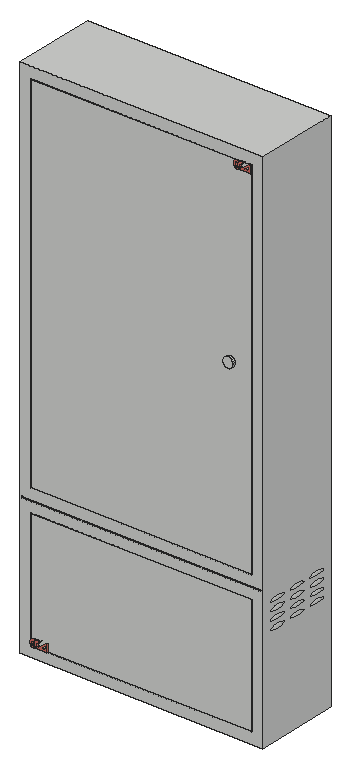
Revit family "120909-00121 Шкаф ШРП-В1600, без плинтов ССД", category Обобщенные модели, Revit 2019
Family settings
  Может служить основой для арматурных стержней = Нет
  Размер круглого соединителя = Использовать диаметр
  Тип детали = Нормальный
  На основе рабочей плоскости = Нет
  Всегда вертикально = Да
  При загрузке вырезать с полостями = Нет
  Общий = Нет
  Точка расчета площади = Нет
Parameters (values of type "ШРП-В/1600 (пустой)")
  Толшина 5 = 5 mm  # constant formula
  Смещение от пола [instance] = 300 mm
  Описание = "Шкаф ШРП-В/1600, без плинтов ССД"
  Ноль = 0 mm  # constant formula
  Материал каркаса = RAL 7035
  Материал букв = Красный металл
  Видимость шпонки [instance] = if(ADSK_Размер_Глубина > 250 mm, 1 = 1, 1 = 0)  # yes
  ADSK_Этаж [instance] = ""
  ADSK_Размер_Ширина = 860 mm
  ADSK_Размер_Глубина = 300 mm
  ADSK_Размер_Высота = 1880 mm
  ADSK_Примечание [instance] = ""
  ADSK_Предел огнестойкости = ""
  ADSK_Позиция [instance] = ""
  ADSK_Обозначение = ""
  ADSK_Наименование краткое = "ШРП-В/1600 (пустой)"
  ADSK_Наименование = "Шкаф ШРП-В/1600, без плинтов ССД"
  ADSK_Масса_Текст = "99.5"
  ADSK_Марка [instance] = ""
  ADSK_Количество [instance] = 1  # constant formula
  ADSK_Код изделия = "120909-00121"
  ADSK_Зона = ""
  ADSK_Завод-изготовитель = "АО СВЯЗЬСТРОЙДЕТАЛЬ"  # constant formula
  ADSK_Единица измерения = "шт"  # constant formula
  ADSK_URL страницы изделия = "Шкаф ШРП-В/1600, без плинтов ССД ( 120909-00121 ) (ssd.ru)"
  ADSK_URL документации изделия = "shr_decl_2017.pdf (ssd.ru)"
Reference planes
  plane 1 "тттт": y = 0
  plane 2: z = 0
  plane 3 "УУУУ": x = 0
  plane 4: y = 150
  plane 5 "ЕЕЕ": y = -150
  plane 6: x = 430
  plane 7: x = -430
  plane 8: z = 300
  plane 9: z = 800
  plane 10: z = 2180
  plane 11 "Внутриность": y = 146
  plane 12: y = -146
  plane 13: x = -426
  plane 14: x = 426
  plane 15 "П1": z = 761
  plane 16: z = 339
  plane 17: z = 2141
  plane 18: z = 839
  plane 19: x = -391
  plane 20: x = 391
  plane 21: z = 803.251
  plane 22: z = 796.957
  plane 23: z = 2176.047
  plane 24: z = 304
  plane 25: y = -87
  plane 26: y = 87
  plane 27 "П2": z = 750
  plane 28 "П3": z = 720
  plane 29 "П4": z = 690
  plane 30 "П5": z = 660
  plane 31: z = 1490
  plane 32: x = 315
  plane 33: y = -160
Forms (mm)
  Extrusion 1, void, not visible, detail levels fine
    sketch origin (-20, 0, 0) x (1, 0, 0) y (0, 0, 1)
      loop
        arc (-281.999, 290) -> (-261.999, 270) -> (-241.999, 290) r 20
        line (-241.999, 290) -> (-241.999, 370)
        arc (-241.999, 370) -> (-261.999, 390) -> (-281.999, 370) r 20
        line (-281.999, 370) -> (-281.999, 290)
    from 90 to 190
  Extrusion 2, void, not visible
    sketch origin (-20, 0, 225) x (1, 0, 0) y (0, 0, 1)
      loop
        circle (-261.999, 215) r 6.5
    from 90 to 190
  Extrusion 3, void, not visible, detail levels fine
    sketch origin (20, 0, 0) x (-1, 0, 0) y (0, 0, -1)
      loop
        line (-281.999, -290) -> (-281.999, -370)
        arc (-281.999, -370) -> (-261.999, -390) -> (-241.999, -370) r 20
        line (-241.999, -370) -> (-241.999, -290)
        arc (-241.999, -290) -> (-261.999, -270) -> (-281.999, -290) r 20
    from 90 to 190
  Extrusion 4, void, not visible
    sketch origin (20, 0, 225) x (-1, 0, 0) y (0, 0, -1)
      loop
        circle (-261.999, -215) r 6.5
    from 90 to 190
  Extrusion 5, void, not visible
    sketch origin (0, 0, 220) x (0, 1, 0) y (0, 0, 1)
      loop
        circle (-102, 220) r 3.036
      loop
        circle (-172.959, 220) r 3.036
      loop
        circle (-122, 237) r 3.036
      loop
        circle (-157.959, 237) r 3.036
      loop
        circle (-121.964, 203) r 3.036
      loop
        circle (-158.036, 203) r 3.036
      loop
        arc (-162.48, 75) -> (-137.48, 50) -> (-112.48, 75) r 25
        line (-112.48, 75) -> (-112.48, 145)
        arc (-112.48, 145) -> (-137.48, 170) -> (-162.48, 145) r 25
        line (-162.48, 145) -> (-162.48, 75)
    from -312 to 312
  Extrusion 6, solid, material "RAL 7035" <- "Материал каркаса", detail levels medium+fine
    sketch origin (0, 0, 0) x (1, 0, 0) y (0, 0, 1)
      loop
        line (-430, 2180) -> (-430, 300) -> (430, 300) -> (430, 2180) -> (-430, 2180)
    from -150 to -146
  Extrusion 7, solid, material "RAL 7035" <- "Материал каркаса", detail levels medium+fine
    sketch origin (0, 0, 0) x (0, 1, 0) y (0, 0, 1)
      loop
        line (-150, 2180) -> (-150, 300) -> (150, 300) -> (150, 2180) -> (-150, 2180)
    from 426 to 430
  Extrusion 8, solid, material "RAL 7035" <- "Материал каркаса", detail levels medium+fine
    sketch origin (0, 0, 0) x (0, 1, 0) y (0, 0, 1)
      loop
        line (-150, 2180) -> (-150, 300) -> (150, 300) -> (150, 2180) -> (-150, 2180)
    from -430 to -426
  Extrusion 9, solid, material "RAL 7035" <- "Материал каркаса", detail levels medium+fine
    sketch origin (0, 0, 0) x (1, 0, 0) y (0, 0, 1)
      loop
        line (-430, 2180) -> (-430, 803.251) -> (430, 803.251) -> (430, 2180) -> (-430, 2180)
      loop
        line (430, 300) -> (430, 796.957) -> (-430, 796.957) -> (-430, 300) -> (430, 300)
      loop
        line (-391, 2141) -> (-391, 839) -> (391, 839) -> (391, 2141) -> (-391, 2141)
      loop
        line (-391, 761) -> (-391, 339) -> (391, 339) -> (391, 761) -> (-391, 761)
    from 146 to 150
  Extrusion 10, solid, material "RAL 7035" <- "Материал каркаса", detail levels medium+fine
    sketch origin (0, 0, 0) x (1, 0, 0) y (0, 0, 1)
      loop
        line (-391, 2141) -> (-391, 839) -> (391, 839) -> (391, 2141) -> (-391, 2141)
      loop
        line (-391, 761) -> (-391, 339) -> (391, 339) -> (391, 761) -> (-391, 761)
    from 146 to 150
  Extrusion 11, solid, material "RAL 7035" <- "Материал каркаса", detail levels medium+fine
    sketch origin (0, 0, 0) x (1, 0, 0) y (0, 1, 0)
      loop
        line (-430, 150) -> (-430, -150) -> (430, -150) -> (430, 150) -> (-430, 150)
    from 300 to 304
  Extrusion 12, solid, material "RAL 7035" <- "Материал каркаса", detail levels medium+fine
    sketch origin (0, 0, 0) x (1, 0, 0) y (0, 1, 0)
      loop
        line (-430, 150) -> (-430, -150) -> (430, -150) -> (430, 150) -> (-430, 150)
    from 2176.047 to 2180
  Extrusion 13, solid, material "RAL 7035" <- "Материал каркаса", detail levels medium+fine
    sketch origin (0, 0, 0) x (1, 0, 0) y (0, 0, 1)
      loop
        circle (315, 1490) r 17.5
    from 150 to 160
  Extrusion 14, solid, material "RAL 7035" <- "Материал каркаса", detail levels coarse
    sketch origin (0, 0, 0) x (1, 0, 0) y (0, 1, 0)
      loop
        line (-430, 150) -> (-430, -150) -> (430, -150) -> (430, 150) -> (-430, 150)
    from 300 to 2180
Cuts and joins
  joined: Extrusion 6, Extrusion 7, Extrusion 8, Extrusion 9, Extrusion 11, Extrusion 12
Dimensions and locks
  equal spacing: plane 7, plane 3 "УУУУ", plane 6
  equal spacing: plane 5 "ЕЕЕ", plane 1 "тттт", plane 4
  "Смещение от пола": plane 2 to plane 8
  "ADSK_Размер_Ширина": plane 7 to plane 6
  "ADSK_Размер_Глубина": plane 4 to plane 5 "ЕЕЕ"
  locked: plane 9 to plane 8 at 500
  "ADSK_Размер_Высота": plane 10 to plane 8
  locked: plane 4 to plane 11 "Внутриность" at 4
  locked: plane 5 "ЕЕЕ" to plane 12 at 4
  locked: plane 7 to plane 13 at 4
  locked: plane 14 to plane 6 at 4
  locked: plane 9 to plane 15 "П1" at 39
  locked: plane 16 to plane 8 at 39
  locked: plane 18 to plane 9 at 39
  locked: plane 10 to plane 17 at 39
  locked: plane 21 to plane 9 at 3.251
  locked: plane 9 to plane 22 at 3.043
  locked: plane 10 to plane 23 at 3.953
  locked: plane 24 to plane 8 at 4
  locked: plane 5 "ЕЕЕ" to plane 25 at 63
  locked: plane 26 to plane 4 at 63
  locked: plane 27 "П2" to plane 9 at 50
  locked: plane 28 "П3" to plane 27 "П2" at 30
  locked: plane 29 "П4" to plane 28 "П3" at 30
  locked: plane 19 to plane 7 at 39
  locked: plane 20 to plane 6 at 39
  locked: plane 30 "П5" to plane 29 "П4" at 30
  equal spacing: plane 10, plane 31, plane 9
  locked: plane 6 to plane 32 at 115
  locked: plane 5 "ЕЕЕ" to plane 33 at 10
  aligned and locked: level to plane 2
  aligned and locked: plane 10 to Extrusion 6 sketch curve
  aligned and locked: plane 7 to Extrusion 6 sketch curve
  aligned and locked: Extrusion 6 sketch curve to plane 6
  aligned and locked: Extrusion 6 sketch curve to plane 8
  aligned and locked: plane 4 to Extrusion 6
  aligned and locked: Extrusion 6 to plane 11 "Внутриность"
  aligned and locked: plane 10 to Extrusion 7 sketch curve
  aligned and locked: Extrusion 7 sketch curve to plane 5 "ЕЕЕ"
  aligned and locked: Extrusion 7 sketch curve to Extrusion 6  (x2)
  aligned and locked: Extrusion 7 to plane 14
  aligned and locked: plane 6 to Extrusion 7
  aligned and locked: plane 10 to Extrusion 8 sketch curve
  aligned and locked: Extrusion 8 sketch curve to plane 5 "ЕЕЕ"
  aligned and locked: Extrusion 8 sketch curve to cut or joined group of Extrusion 6, Extrusion 7, Extrusion 8, Extrusion 9, Extrusion 11, Extrusion 12  (x2)
  aligned and locked: Extrusion 8 to plane 7
  aligned and locked: plane 13 to Extrusion 8
  aligned and locked: Extrusion 9 sketch curve to cut or joined group of Extrusion 6, Extrusion 7, Extrusion 8, Extrusion 9, Extrusion 11, Extrusion 12  (x2)
  aligned and locked: plane 17 to Extrusion 9 sketch curve
  aligned and locked: Extrusion 9 sketch curve to plane 19  (x2)
  aligned and locked: plane 18 to Extrusion 9 sketch curve
  aligned and locked: Extrusion 9 sketch curve to plane 20
  aligned and locked: plane 15 "П1" to Extrusion 9 sketch curve
  aligned and locked: Extrusion 9 sketch curve to plane 16
  aligned and locked: plane 20 to Extrusion 9 sketch curve
  aligned and locked: plane 21 to Extrusion 9 sketch curve
  aligned and locked: Extrusion 9 sketch curve to plane 22
  aligned and locked: Extrusion 9 sketch curve to plane 7
  aligned and locked: Extrusion 9 sketch curve to plane 6  (x2)
  aligned and locked: plane 7 to Extrusion 9 sketch curve
  aligned and locked: plane 12 to Extrusion 9
  aligned and locked: plane 5 "ЕЕЕ" to Extrusion 9
  aligned and locked: Extrusion 10 sketch curve to cut or joined group of Extrusion 6, Extrusion 7, Extrusion 8, Extrusion 9, Extrusion 11, Extrusion 12  (x8)
  aligned and locked: plane 12 to Extrusion 10
  aligned and locked: plane 5 "ЕЕЕ" to Extrusion 10
  aligned and locked: Extrusion 11 sketch curve to cut or joined group of Extrusion 6, Extrusion 7, Extrusion 8, Extrusion 9, Extrusion 11, Extrusion 12  (x2)
  aligned and locked: Extrusion 11 sketch curve to plane 5 "ЕЕЕ"
  aligned and locked: Extrusion 11 sketch curve to plane 6
  aligned and locked: plane 24 to Extrusion 11
  aligned and locked: plane 8 to Extrusion 11
  aligned and locked: Extrusion 12 sketch curve to plane 4
  aligned and locked: plane 7 to Extrusion 12 sketch curve
  aligned and locked: Extrusion 12 sketch curve to plane 5 "ЕЕЕ"
  aligned and locked: Extrusion 12 sketch curve to plane 6
  aligned and locked: plane 23 to Extrusion 12
  aligned and locked: Extrusion 12 to plane 10
  aligned and locked: plane 6 to cut or joined group of Extrusion 6, Extrusion 7, Extrusion 8, Extrusion 9, Extrusion 11, Extrusion 12
  aligned and locked: nested 1 to plane 25
  aligned and locked: plane 6 to nested 1
  aligned and locked: nested 2 to plane 1 "тттт"
  aligned and locked: plane 6 to nested 2
  aligned and locked: nested 3 to plane 26
  aligned and locked: plane 6 to nested 3
  aligned and locked: plane 27 "П2" to nested 3
  aligned and locked: plane 27 "П2" to nested 2
  aligned and locked: plane 27 "П2" to nested 1
  aligned and locked: plane 28 "П3" to nested 6
  aligned and locked: plane 28 "П3" to nested 5
  aligned and locked: plane 28 "П3" to nested 4
  aligned and locked: plane 29 "П4" to nested 9
  aligned and locked: plane 29 "П4" to nested 8
  aligned and locked: plane 29 "П4" to nested 7
  aligned and locked: plane 30 "П5" to nested 12
  aligned and locked: plane 30 "П5" to nested 11
  aligned and locked: plane 30 "П5" to nested 10
  aligned and locked: nested 6 to plane 26
  aligned and locked: nested 5 to plane 1 "тттт"
  aligned and locked: nested 4 to plane 25
  aligned and locked: plane 6 to nested 6
  aligned and locked: plane 6 to nested 5
  aligned and locked: plane 6 to nested 4
  aligned and locked: nested 9 to plane 26
  aligned and locked: nested 8 to plane 1 "тттт"
  aligned and locked: nested 7 to plane 25
  aligned and locked: plane 6 to nested 9
  aligned and locked: plane 6 to nested 8
  aligned and locked: plane 6 to nested 7
  aligned and locked: nested 12 to plane 26
  aligned and locked: nested 11 to plane 1 "тттт"
  aligned and locked: nested 10 to plane 25
  aligned and locked: plane 6 to nested 12
  aligned and locked: plane 6 to nested 11
  aligned and locked: plane 6 to nested 10
  aligned and locked: plane 26 to nested 15
  aligned and locked: plane 1 "тттт" to nested 14
  aligned and locked: plane 25 to nested 13
  aligned and locked: nested 13 to plane 7
  aligned and locked: nested 14 to plane 7
  aligned and locked: nested 15 to plane 7
  aligned and locked: plane 27 "П2" to nested 15
  aligned and locked: plane 27 "П2" to nested 14
  aligned and locked: plane 27 "П2" to nested 13
  aligned and locked: nested 13 to plane 27 "П2"
  aligned and locked: nested 14 to plane 27 "П2"
  aligned and locked: nested 15 to plane 27 "П2"
  aligned and locked: plane 28 "П3" to nested 16
  aligned and locked: plane 28 "П3" to nested 17
  aligned and locked: plane 28 "П3" to nested 18
  aligned and locked: plane 29 "П4" to nested 19
  aligned and locked: plane 29 "П4" to nested 20
  aligned and locked: plane 29 "П4" to nested 21
  aligned and locked: plane 30 "П5" to nested 22
  aligned and locked: plane 30 "П5" to nested 23
  aligned and locked: plane 30 "П5" to nested 24
  aligned and locked: plane 25 to nested 16
  aligned and locked: plane 1 "тттт" to nested 17
  aligned and locked: plane 26 to nested 18
  aligned and locked: nested 16 to plane 7
  aligned and locked: nested 17 to plane 7
  aligned and locked: nested 18 to plane 7
  aligned and locked: plane 26 to nested 21
  aligned and locked: nested 21 to plane 7
  aligned and locked: plane 1 "тттт" to nested 20
  aligned and locked: nested 20 to plane 7
  aligned and locked: plane 25 to nested 19
  aligned and locked: nested 19 to plane 7
  aligned and locked: plane 25 to nested 22
  aligned and locked: plane 1 "тттт" to nested 23
  aligned and locked: plane 26 to nested 24
  aligned and locked: nested 24 to plane 7
  aligned and locked: nested 23 to plane 7
  aligned and locked: nested 22 to plane 7
  aligned and locked: plane 32 to Extrusion 13 sketch curve
  aligned and locked: plane 31 to Extrusion 13 sketch curve
  aligned and locked: Extrusion 13 to plane 5 "ЕЕЕ"
  aligned and locked: Extrusion 13 to plane 33
  aligned and locked: plane 5 "ЕЕЕ" to nested 25
  aligned and locked: plane 5 "ЕЕЕ" to nested 26
  aligned and locked: nested 25 to plane 19
  aligned and locked: nested 25 to plane 16
  aligned and locked: nested 26 to plane 20
  aligned and locked: plane 17 to nested 26
  aligned and locked: Extrusion 14 sketch curve to plane 5 "ЕЕЕ"
  aligned and locked: plane 7 to Extrusion 14 sketch curve
  aligned and locked: Extrusion 14 sketch curve to plane 4
  aligned and locked: Extrusion 14 sketch curve to plane 6
  aligned and locked: Extrusion 14 to plane 10
  aligned and locked: plane 8 to Extrusion 14
  aligned and locked: plane 7 to nested 27
  aligned and locked: plane 6 to nested 27
  aligned and locked: nested 27 to plane 10
  aligned and locked: plane 8 to nested 27
Automatic sketch dimensions
  radius of Extrusion 13 sketch curve = 17.5 mm
Nested families
  nested 1: "Впадина" at (430, -87, 750) x (0, 1, 0) z (0, 0, 1), Материал <- "Материал каркаса", type "Впадина", detail levels fine
    with Материал RAL 7035
  nested 2: "Впадина" at (430, 0, 750) x (0, 1, 0) z (0, 0, 1), Материал <- "Материал каркаса", visible <- "Видимость шпонки", type "Впадина", detail levels fine
    with Материал RAL 7035
  nested 3: "Впадина" at (430, 87, 750) x (0, 1, 0) z (0, 0, 1), Материал <- "Материал каркаса", type "Впадина", detail levels fine
    with Материал RAL 7035
  nested 4: "Впадина" at (430, -87, 720) x (0, 1, 0) z (0, 0, 1), Материал <- "Материал каркаса", type "Впадина", detail levels fine
    with Материал RAL 7035
  nested 5: "Впадина" at (430, 0, 720) x (0, 1, 0) z (0, 0, 1), Материал <- "Материал каркаса", visible <- "Видимость шпонки", type "Впадина", detail levels fine
    with Материал RAL 7035
  nested 6: "Впадина" at (430, 87, 720) x (0, 1, 0) z (0, 0, 1), Материал <- "Материал каркаса", type "Впадина", detail levels fine
    with Материал RAL 7035
  nested 7: "Впадина" at (430, -87, 690) x (0, 1, 0) z (0, 0, 1), Материал <- "Материал каркаса", type "Впадина", detail levels fine
    with Материал RAL 7035
  nested 8: "Впадина" at (430, 0, 690) x (0, 1, 0) z (0, 0, 1), Материал <- "Материал каркаса", visible <- "Видимость шпонки", type "Впадина", detail levels fine
    with Материал RAL 7035
  nested 9: "Впадина" at (430, 87, 690) x (0, 1, 0) z (0, 0, 1), Материал <- "Материал каркаса", type "Впадина", detail levels fine
    with Материал RAL 7035
  nested 10: "Впадина" at (430, -87, 660) x (0, 1, 0) z (0, 0, 1), Материал <- "Материал каркаса", type "Впадина", detail levels fine
    with Материал RAL 7035
  nested 11: "Впадина" at (430, 0, 660) x (0, 1, 0) z (0, 0, 1), Материал <- "Материал каркаса", visible <- "Видимость шпонки", type "Впадина", detail levels fine
    with Материал RAL 7035
  nested 12: "Впадина" at (430, 87, 660) x (0, 1, 0) z (0, 0, 1), Материал <- "Материал каркаса", type "Впадина", detail levels fine
    with Материал RAL 7035
  nested 13: "Впадина" at (-430, -87, 750) x (0, -1, 0) z (0, 0, 1), Материал <- "Материал каркаса", type "Впадина", detail levels fine
    with Материал RAL 7035
  nested 14: "Впадина" at (-430, 0, 750) x (0, -1, 0) z (0, 0, 1), Материал <- "Материал каркаса", visible <- "Видимость шпонки", type "Впадина", detail levels fine
    with Материал RAL 7035
  nested 15: "Впадина" at (-430, 87, 750) x (0, -1, 0) z (0, 0, 1), Материал <- "Материал каркаса", type "Впадина", detail levels fine
    with Материал RAL 7035
  nested 16: "Впадина" at (-430, -87, 720) x (0, -1, 0) z (0, 0, 1), Материал <- "Материал каркаса", type "Впадина", detail levels fine
    with Материал RAL 7035
  nested 17: "Впадина" at (-430, 0, 720) x (0, -1, 0) z (0, 0, 1), Материал <- "Материал каркаса", visible <- "Видимость шпонки", type "Впадина", detail levels fine
    with Материал RAL 7035
  nested 18: "Впадина" at (-430, 87, 720) x (0, -1, 0) z (0, 0, 1), Материал <- "Материал каркаса", type "Впадина", detail levels fine
    with Материал RAL 7035
  nested 19: "Впадина" at (-430, -87, 690) x (0, -1, 0) z (0, 0, 1), Материал <- "Материал каркаса", type "Впадина", detail levels fine
    with Материал RAL 7035
  nested 20: "Впадина" at (-430, 0, 690) x (0, -1, 0) z (0, 0, 1), Материал <- "Материал каркаса", visible <- "Видимость шпонки", type "Впадина", detail levels fine
    with Материал RAL 7035
  nested 21: "Впадина" at (-430, 87, 690) x (0, -1, 0) z (0, 0, 1), Материал <- "Материал каркаса", type "Впадина", detail levels fine
    with Материал RAL 7035
  nested 22: "Впадина" at (-430, -87, 660) x (0, -1, 0) z (0, 0, 1), Материал <- "Материал каркаса", type "Впадина", detail levels fine
    with Материал RAL 7035
  nested 23: "Впадина" at (-430, 0, 660) x (0, -1, 0) z (0, 0, 1), Материал <- "Материал каркаса", visible <- "Видимость шпонки", type "Впадина", detail levels fine
    with Материал RAL 7035
  nested 24: "Впадина" at (-430, 87, 660) x (0, -1, 0) z (0, 0, 1), Материал <- "Материал каркаса", type "Впадина", detail levels fine
    with Материал RAL 7035
  nested 25: "ССД" at (-361.016, -150, 339), Материал <- "Материал букв", type "ССД", detail levels fine
    with Материал Красный металл
  nested 26: "ССД" at (361.016, -150, 2115), Материал <- "Материал букв", type "ССД", detail levels fine
    with Материал Красный металл
  nested 27: "ЭУ_Шкаф большой фасад" at (0, 0, 300) x (1, 0, 0) z (0, -1, 0), ADSK_Размер_Высота <- "ADSK_Размер_Высота", ADSK_Размер_Ширина <- "ADSK_Размер_Ширина", type "ЭУ_Шкаф большой фасад", detail levels coarse
    with ADSK_Размер_Ширина 860 mm, ADSK_Размер_Высота 1880 mm
Definition of nested family "Впадина"
  Parameters (values of type "Впадина")
    Материал [instance] = none
    ADSK_Размер_Ширина = 64 mm
  Reference planes
    plane 1 "По центру (Вперед/Назад)": y = 0
    plane 2: z = 0
    plane 3 "По центру (Влево/Вправо)": x = 0
    plane 4: y = -5
    plane 5: x = -32
    plane 6: x = 32
  Forms (mm)
    Sweep 1, solid, material <- "Материал"
      path origin (0, 0, 0) x (1, 0, 0) y (0, 1, 0)
        loop
          arc (-32, 0) -> (0, -5) -> (32, 0) r 104.9
      profile origin (0, -5, 0) x (0, 1, 0) y (0, 0, 1)
        loop
          line (0, 0) -> (1.008, 0)
          arc (1.008, 0) -> (2.037, 5.808) -> (5, 10.909) r 16.9
          line (5, 10.909) -> (5, 12)
          arc (5, 12) -> (1.3, 6.5) -> (0, 0) r 16.9
  Lines and regions (mm)
    symbolic lines
      curve 1: line (-32, 0, 0) -> (32, 0, 0)
      curve 2: line (0, 0, 0) -> (0, -5, 0)
      curve 3: line (-32, 0, 0) -> (32, 0, 0)
  Dimensions and locks
    equal spacing: plane 5, plane 3 "По центру (Влево/Вправо)", plane 6
    "ADSK_Размер_Ширина": plane 5 to plane 6
    plane 4 to plane 1 "По центру (Вперед/Назад)" = 5 mm
    aligned and locked: level to plane 2
    aligned and locked: plane 5 to Sweep 1 sketch curve
    aligned and locked: plane 1 "По центру (Вперед/Назад)" to Sweep 1 sketch curve  (x3)
    aligned and locked: plane 6 to Sweep 1 sketch curve
    aligned and locked: plane 1 "По центру (Вперед/Назад)" to curve 1
    aligned and locked: curve 2 to plane 3 "По центру (Влево/Вправо)"
    aligned and locked: curve 3 to plane 2
  Automatic sketch dimensions
    Sweep 1 sketch curve to plane 1 "По центру (Вперед/Назад)" = 99.9 mm
    Sweep 1 sketch curve to profile plane = 0 mm
    Sweep 1 sketch curve to level = 0 mm
    Sweep 1 sketch curve to Sweep 1 sketch curve = 11.9 mm
    Sweep 1 sketch curve to Sweep 1 sketch curve = 1.008 mm
    Sweep 1 sketch curve to Sweep 1 sketch curve = 1.091 mm
    curve 1 to plane 5 = 0 mm
    curve 1 to plane 6 = 0 mm
    curve 2 to plane 4 = 0 mm
    curve 3 to plane 5 = 0 mm
    curve 3 to plane 6 = 0 mm
Definition of nested family "ССД"
  Parameters (values of type "ССД")
    Материал [instance] = none
  Reference planes
    plane 1 "По центру (Вперед/Назад)": y = 0
    plane 2: z = 0
    plane 3 "По центру (Влево/Вправо)": x = 0
    plane 4: y = -5
    plane 5: z = 26
    plane 6: x = -29.984
    plane 7: x = 29.984
  Forms (mm)
    Extrusion 1, solid, material <- "Материал"
      sketch origin (-4.748, 0, -135.953) x (1, 0, 0) y (0, 0, 1)
        loop
          arc (-12.562, 161.735) -> (-25.455, 148.886) -> (-12.605, 135.993) r 12.871
          line (-12.605, 135.993) -> (-5.127, 135.993)
          arc (-5.127, 135.993) -> (-8.341, 138.928) -> (-10.997, 142.376) r 24.946
          line (-10.997, 142.376) -> (-12.584, 142.376)
          arc (-12.584, 142.376) -> (-19.072, 148.864) -> (-12.584, 155.352) r 6.488
          line (-12.584, 155.352) -> (-10.972, 155.352)
          arc (-10.972, 155.352) -> (-8.292, 158.804) -> (-5.051, 161.735) r 24.946
          line (-5.051, 161.735) -> (-12.562, 161.735)
        loop
          arc (3.387, 161.709) -> (-9.505, 148.859) -> (3.344, 135.967) r 12.871
          line (3.344, 135.967) -> (34.291, 135.915) -> (34.334, 161.666) -> (28.9, 161.666) -> (8.095, 144.25) -> (16.764, 144.25) -> (28.888, 154.399) -> (28.868, 142.307) -> (3.34, 142.35)
          arc (3.34, 142.35) -> (-3.122, 148.856) -> (3.377, 155.326) r 6.488
          line (3.377, 155.326) -> (4.978, 155.326)
          arc (4.978, 155.326) -> (7.657, 158.777) -> (10.898, 161.709) r 24.946
          line (10.898, 161.709) -> (3.387, 161.709)
      from 0 to 5
  Lines and regions (mm)
    symbolic lines
      curve 1: line (-29.984, 0, 0) -> (29.984, 0, 0)
      curve 2: line (-29.984, 0, 26) -> (29.984, 0, 26)
      curve 3: line (-29.984, 0, 0) -> (-29.984, 0, 26)
      curve 4: line (29.984, 0, 0) -> (-29.984, 0, 0)
      curve 5: line (29.984, 0, 26) -> (29.984, 0, 0)
  Dimensions and locks
    locked: plane 1 "По центру (Вперед/Назад)" to plane 4 at 5
    locked: plane 5 to plane 2 at 26
    equal spacing: plane 7, plane 3 "По центру (Влево/Вправо)", plane 6
    locked: plane 7 to plane 6 at 59.968
    aligned and locked: level to plane 2
    aligned and locked: plane 1 "По центру (Вперед/Назад)" to curve 1
    aligned and locked: Extrusion 1 to plane 4
    aligned and locked: Extrusion 1 to plane 1 "По центру (Вперед/Назад)"
    aligned and locked: curve 2 to plane 5
    aligned and locked: plane 6 to curve 3
    aligned and locked: plane 2 to curve 4
    aligned and locked: curve 5 to plane 7
  Automatic sketch dimensions
    curve 1 to plane 6 = 0 mm
    curve 1 to plane 7 = 0 mm
    Extrusion 1 sketch curve to Extrusion 1 sketch curve = 0 mm  (x6)
    Extrusion 1 sketch curve to plane 3 "По центру (Влево/Вправо)" = 17.331 mm
    Extrusion 1 sketch curve to Extrusion 1 sketch curve = 0.022 mm
    Extrusion 1 sketch curve to Extrusion 1 sketch curve = 1.587 mm
    Extrusion 1 sketch curve to Extrusion 1 sketch curve = 1.612 mm
    Extrusion 1 sketch curve to plane 3 "По центру (Влево/Вправо)" = 9.875 mm
    Extrusion 1 sketch curve to plane 3 "По центру (Влево/Вправо)" = 1.407 mm
    Extrusion 1 sketch curve to plane 3 "По центру (Влево/Вправо)" = 1.382 mm
    Extrusion 1 sketch curve to plane 3 "По центру (Влево/Вправо)" = 1.371 mm
    Extrusion 1 sketch curve to plane 3 "По центру (Влево/Вправо)" = 1.36 mm
    Extrusion 1 sketch curve to Extrusion 1 sketch curve = 1.601 mm
    Extrusion 1 sketch curve to Extrusion 1 sketch curve = 4.755 mm
    Extrusion 1 sketch curve to Extrusion 1 sketch curve = 1.902 mm
    Extrusion 1 sketch curve to Extrusion 1 sketch curve = 5.043 mm
    Extrusion 1 sketch curve to Extrusion 1 sketch curve = 0.878 mm
    Extrusion 1 sketch curve to Extrusion 1 sketch curve = 6.767 mm
    Extrusion 1 sketch curve to plane 7 = 8.785 mm
    Extrusion 1 sketch curve to plane 7 = 5.864 mm
    Extrusion 1 sketch curve to plane 7 = 5.844 mm
    Extrusion 1 sketch curve to plane 7 = 5.831 mm
    Extrusion 1 sketch curve to plane 7 = 0.44 mm
    Extrusion 1 sketch curve to plane 7 = 0.397 mm
    Extrusion 1 sketch curve to plane 5 = 26.038 mm
    Extrusion 1 sketch curve to Extrusion 1 sketch curve = 0.079 mm
    Extrusion 1 sketch curve to Extrusion 1 sketch curve = 5.898 mm
    Extrusion 1 sketch curve to Extrusion 1 sketch curve = 0.027 mm
    Extrusion 1 sketch curve to Extrusion 1 sketch curve = 0.494 mm
    Extrusion 1 sketch curve to Extrusion 1 sketch curve = 0.51 mm
    Extrusion 1 sketch curve to Extrusion 1 sketch curve = 6.383 mm
    Extrusion 1 sketch curve to Extrusion 1 sketch curve = 2.411 mm
    Extrusion 1 sketch curve to Extrusion 1 sketch curve = 6.488 mm  (x2)
    Extrusion 1 sketch curve to Extrusion 1 sketch curve = 12.092 mm
    Extrusion 1 sketch curve to Extrusion 1 sketch curve = 7.267 mm
    Extrusion 1 sketch curve to plane 3 "По центру (Влево/Вправо)" = 9.798 mm
    Extrusion 1 sketch curve to plane 3 "По центру (Влево/Вправо)" = 1.404 mm
Definition of nested family "ЭУ_Шкаф большой фасад"
  Parameters (values of type "ЭУ_Шкаф большой фасад")
    ADSK_Размер_Ширина [instance] = 640 mm
    ADSK_Размер_Высота [instance] = 1180 mm
  Reference planes
    plane 1 "По центру (Вперед/Назад)": y = 0
    plane 2: z = 0
    plane 3 "По центру (Влево/Вправо)": x = 0
    plane 4: x = -320
    plane 5: x = 320
    plane 6: y = 1180
    plane 7: y = 1141
    plane 8 "По центру (В/О": y = 39
    plane 9: x = -281
    plane 10: x = 281
    plane 11 "По центру (В/П": y = 559
    plane 12 "По центру (В/Р": y = 520
    plane 13 "По центру (В/С": y = 598
    plane 14: x = 200
    plane 15: y = 869.5
  Lines and regions (mm)
    detail lines, in view "Опорный уровень"
      curve 1: line (-320, 1180, 0) -> (320, 1180, 0)
      curve 2: line (-320, 0, 0) -> (-320, 1180, 0)
      curve 3: line (320, 0, 0) -> (-320, 0, 0)
      curve 4: line (320, 1180, 0) -> (320, 0, 0)
      curve 5: line (-281, 1141, 0) -> (281, 1141, 0)
      curve 6: line (-281, 598, 0) -> (-281, 1141, 0)
      curve 7: line (281, 598, 0) -> (-281, 598, 0)
      curve 8: line (-281, 520, 0) -> (281, 520, 0)
      curve 9: line (-281, 39, 0) -> (-281, 520, 0)
      curve 10: line (281, 39, 0) -> (-281, 39, 0)
      curve 11: line (281, 520, 0) -> (281, 39, 0)
      curve 12: circle (200, 869.5, 0) r 20 normal (0, 0, 1)
      curve 13: line (281, 1141, 0) -> (281, 598, 0)
  Dimensions and locks
    equal spacing: plane 4, plane 3 "По центру (Влево/Вправо)", plane 5
    "ADSK_Размер_Ширина": plane 4 to plane 5
    "ADSK_Размер_Высота": plane 6 to plane 1 "По центру (Вперед/Назад)"
    locked: plane 1 "По центру (Вперед/Назад)" to plane 8 "По центру (В/О" at 39
    locked: plane 6 to plane 7 at 39
    locked: plane 10 to plane 5 at 39
    locked: plane 4 to plane 9 at 39
    locked: plane 12 "По центру (В/Р" to plane 11 "По центру (В/П" at 39
    locked: plane 13 "По центру (В/С" to plane 11 "По центру (В/П" at 39
    equal spacing: plane 7, plane 15, plane 13 "По центру (В/С"
    aligned and locked: curve 1 to plane 6
    aligned and locked: plane 4 to curve 2
    aligned and locked: curve 3 to plane 1 "По центру (Вперед/Назад)"
    aligned and locked: curve 4 to plane 5
    aligned and locked: curve 5 to plane 7
    aligned and locked: plane 9 to curve 6
    aligned and locked: plane 13 "По центру (В/С" to curve 7
    aligned and locked: plane 12 "По центру (В/Р" to curve 8
    aligned and locked: plane 9 to curve 9
    aligned and locked: curve 10 to plane 8 "По центру (В/О"
    aligned and locked: plane 15 to curve 12
    aligned and locked: plane 14 to curve 12
    aligned and locked: curve 11 to plane 10
    aligned and locked: curve 13 to plane 10
  Automatic sketch dimensions
    radius of curve 12 = 20 mm
